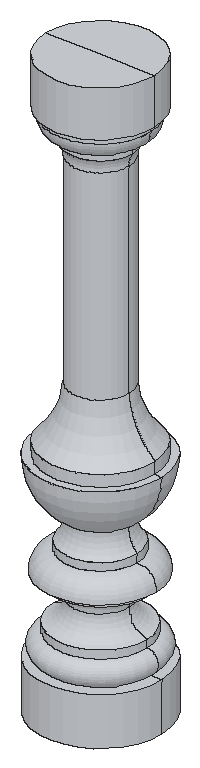
Revit family
Parameters (values of type "Balustrade R38")
  Width = 0' - 7"
  URL = "www.strombergarchitectural.com"
  Top Material = none
  Submittal Sheet = "www.strombergarchitectural.com/images/materials/gfrc/submittal/gfrc-submittal-sheet.pdf"
  Specifications = "www.strombergarchitectural.com/gfrcspecifications"
  Model Cut-sheet = "http://www.strombergarchitectural.com/products/balustrade/design/R38"
  Model = "Balustrade R38"
  Manufacturer = "Stromberg Architectural Products"
  Guidebook = "www.strombergarchitectural.com/images/materials/gfrc/handbooks/gfrc_guidebook.pdf   \r\n(http://www.strombergarchitectural.com/images/materials/gfrc/handbooks/gfrc_guidebook.pdf"
  Description = "GFRC Baluster"
  Assembly Code = ""
  Height = 3' - 2"
  XXX.5 = no
  XXX.4 = no
  XXX.3 = no
  XXX.2 = no
  XXX.1 = yes
Reference planes (in)
  plane 1 "Center (Front/Back)": y = 3.74847
  plane 2: z = 0
  plane 3 "Center (Left/Right)": x = 0.7278
  plane 4 "Front": y = -3.25153
  plane 5 "Back": y = 10.74847
Forms (in)
  Revolve 1, solid
    sketch origin (0, 3.74847, 0) x (1, 0, 0) y (0, 0, 1)
      loop
        line (-2.7722, 38) -> (-2.7722, 35) -> (-2.5222, 35) -> (-2.5222, 34.625)
        arc (-2.5222, 34.625) -> (-2.19269, 33.8295) -> (-1.3972, 33.5) r 1.125
        line (-1.3972, 33.5) -> (-1.3972, 33)
        arc (-1.3972, 33) -> (-1.19183, 32.61848) -> (-1.1472, 32.1875) r 1.11634
        line (-1.1472, 32.1875) -> (-1.1472, 19)
        arc (-1.1472, 19) -> (-1.634, 17.14087) -> (-2.7722, 15.59237) r 5.11781
        line (-2.7722, 15.59237) -> (-2.7722, 14.875) -> (-3.2722, 14.875)
        arc (-3.2722, 14.875) -> (-2.70449, 12.82089) -> (-1.16252, 11.34985) r 4
        arc (-1.16252, 11.34985) -> (-1.23922, 10.5535) -> (-1.66311, 9.875) r 1.74569
        line (-1.66311, 9.875) -> (-1.66311, 9.375)
        arc (-1.66311, 9.375) -> (-2.547, 9.00888) -> (-2.91311, 8.125) r 1.25
        line (-2.91311, 8.125) -> (-2.2722, 8.125) -> (-2.2722, 7.625)
        arc (-2.2722, 7.625) -> (-1.51059, 7.349) -> (-1.1472, 6.625) r 1.09481
        arc (-1.1472, 6.625) -> (-1.42323, 5.66015) -> (-2.2722, 5.125) r 1.40627
        line (-2.2722, 5.125) -> (-2.2722, 4.625)
        arc (-2.2722, 4.625) -> (-3.0222, 3.875) -> (-2.2722, 3.125) r 0.75
        line (-2.2722, 3.125) -> (-3.2722, 3.125) -> (-3.2722, 0) -> (0.7278, 0) -> (0.7278, 38) -> (-2.7722, 38)
      axis (0.7278, 38) -> (0.7278, 0)
    angle from 0 to 360
Dimensions and locks (in)
  aligned and locked: level to plane 2
